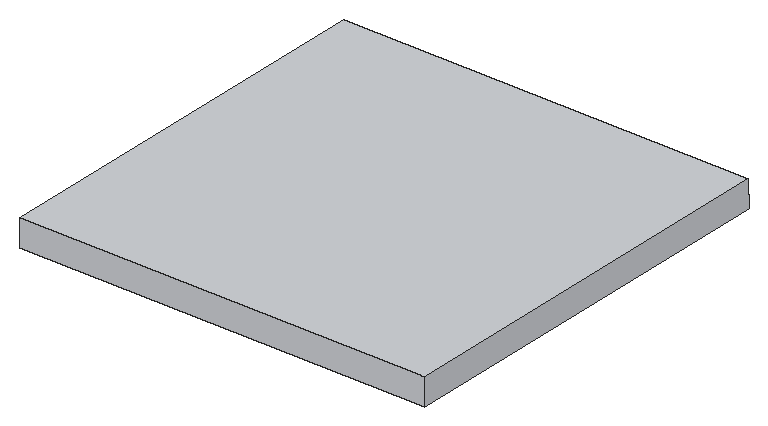
Revit family "1261_ TUPEX ELECTRIC_FL", category Lighting Fixtures, host Face, Revit 2016
Family settings
  Host = Face
  Part Type = Normal
  Round Connector Dimension = Use Diameter
  Cut with Voids When Loaded = No
  Light Source = Yes
  Shared = No
  Room Calculation Point = Yes
Parameters
  width = 600 mm
  volt = 220 V
  length = 600 mm
  depth = 20 mm
  Wattage = 30 W
  built-in parameter 1150110 = 1 (stored number, unit not read)
  built-in parameter 1114217 = 1 (stored number, unit not read)
  Tilt Angle = 60.00°
  built-in parameter 1150109 = 1 (stored number, unit not read)
  built-in parameter 1150134 = 3
  built-in parameter 1150113 = 1 (stored number, unit not read)
  Photometric Web File = "1261.IES"
  built-in parameter 1150105 = 238.73 (stored number, unit not read)
  Lumens = 3000 lm
  built-in parameter 1150115 = 1 (stored number, unit not read)
  built-in parameter 1150137 = (empty or 0)
  built-in parameter 1150139 = (empty or 0)
  built-in parameter 1150112 = 1 (stored number, unit not read)
  built-in parameter 1150114 = 1 (stored number, unit not read)
  built-in parameter 1150132 = (empty or 0)
  built-in parameter 1150102 = (empty or 0)
  built-in parameter 1150107 = 3200 (stored number, unit not read)
  built-in parameter 1150138 = (empty or 0)
  built-in parameter 1150106 = 2.3873 (stored number, unit not read)
  built-in parameter 1150104 = 9.2903 (stored number, unit not read)
  Dimming Lamp Color Temperature Shift = (empty or 0)
  Default Elevation = 1219.2 mm
  Color Filter = 16777215
  built-in parameter 1114218 = 1 (stored number, unit not read)
  built-in parameter 1150133 = 10 (stored number, unit not read)
Reference planes
  plane 1 "Center (Front/Back)": y = 0
  plane 2: z = 0
  plane 3 "Center (Left/Right)": x = 0
  plane 4: x = 600
  plane 5: y = -600
  plane 6: z = 20
  plane 7: z = -20
  plane 8: y = -300
  plane 9: x = 300
Forms (mm)
  Extrusion 1, solid
    sketch origin (0, 0, 0) x (1, 0, 0) y (0, 0, 1)
      loop
        line (600, 20) -> (0, 20) -> (0, -20) -> (600, -20) -> (600, 20)
    from 0 to 600
Dimensions and locks
  "width": plane 3 "Center (Left/Right)" to plane 4
  "length": plane 5 to plane 1 "Center (Front/Back)"
  "depth": level to plane 6
  plane 7 to level = 20 mm
  aligned and locked: plane 2 to host face
  aligned and locked: level to host face
Automatic sketch dimensions
  host sketch curve to host sketch curve = 2438.4 mm  (x2)
  Extrusion 1 sketch curve to plane 6 = 0 mm
  Extrusion 1 sketch curve to plane 7 = 0 mm
  Extrusion 1 sketch curve to plane 3 "Center (Left/Right)" = 0 mm
  Extrusion 1 sketch curve to plane 4 = 0 mm
Connectors
  electrical at (300, -300, 20), driven by "volt"
    settings: on Extrusion 1, index 1, voltage 220 V, apparent load 0 VA, apparent load phase1 36 VA, apparent load phase2 0 VA, apparent load phase3 0 VA, power factor 1, load classification "Lighting", number of poles 1, system type 31, power factor state 1, is connector primary yes, connector utility no, sub classification motor no, connector description ""
